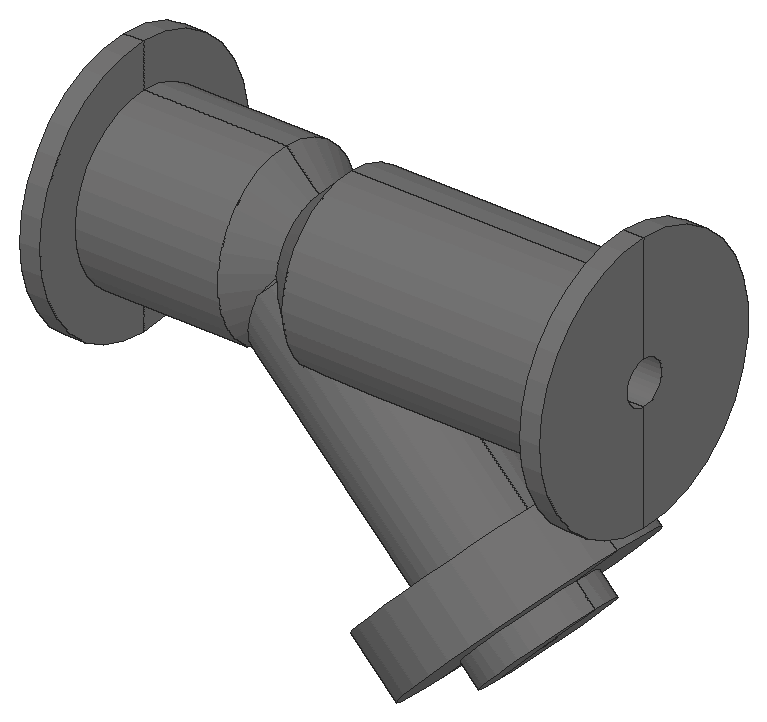
Revit family "Wye_Pattern_Strainers-Backflow_Preventor-WATTS-77F-CSI", category Pipe Accessories, Revit 2014
Parameters (values of type "77F-CSI 0.5"")
  Width = 3"
  Weight = "6/2.4 (LB/KG)"
  Waste Connection = no
  Warranty Information = "1 Year Limited Warranty"  # constant formula
  Vent Connection = no
  URL = "http://www.watts.com/"
  Strainer Width = 2 111/128"
  Strainer Thickness = Flange Thickness * 2  # 59/128"
  Strainer Revolve Offset Distance = Strainer Width / 2  # 1 111/256"
  Strainer Offset Length From Flange = (Strainer Length - Strainer Diameter) / 2  # 175/256"
  Strainer Length = Strainer Width  # 2 111/128"
  Strainer Diameter = Nominal Depth * 2 + NPT Diameter  # 1 1/2"
  Region = "North America"  # constant formula
  Product Page URL = "http://www.watts.com/pages/_products_details.asp?pid=830"
  Product Documentation Link = "http://media.wattswater.com/es-77f-csi.pdf"
  Price = "Prices may vary. Please consult Manufacturer Representative for most up-to-date price list."  # constant formula
  Nominal Depth 2 = Nominal Depth / 2  # 5/16"
  Nominal Depth = 5/8"
  NPT Radius = NPT Diameter / 2  # 1/8"
  NPT Diameter = 1/4"
  Model = "77F-CSI"  # constant formula
  Max. Working Pressure = "150psi (10.3 bar) at 400°F (204°C) WSP 285psi (19.6 bar) at 100°F (38°C) WOG"  # constant formula
  Material = "Metal-Watts-Cast Steel"  # constant formula
  Manufacturer Product Line = "Strainers"  # constant formula
  Manufacturer = "WATTS"  # constant formula
  HW Connection = no
  Flange Thickness = 59/256"
  Finish = Metal-Watts-Cast Steel
  Description = "Steel, Flanged, Wye-Pattern Strainers"  # constant formula
  Creation Date = "07/25/2018"  # constant formula
  Country = "United States"  # constant formula
  Connection Size = Connection Radius * 2  # 1/2"
  Connection Radius = 1/4"
  Connection Outlet Description = "1/2\" NPT Flanged Outlet"
  Connection Inlet Description = "1/2\" NPT Flanged Inlet"
  CW Connection = yes
  Body Radius = 1"
  B = 3 7/8"
  Assembly Code = "F1050"
  A = 6"
Types (11): name | Width | Weight | Strainer Width | Strainer Thickness | Strainer Revolve Offset Distance | Strainer Offset Length From Flange | Strainer Length | Strainer Diameter | Nominal Depth 2 | Nominal Depth | NPT Radius | NPT Diameter | Flange Thickness | Connection Size | Connection Radius | Connection Outlet Description | Connection Inlet Description | Body Radius | B | A
  (no name) | 3" | "6/2.4 (LB/KG)" | 2 111/128" | 59/128" | 1 111/256" | 175/256" | 2 111/128" | 1 1/2" | 5/16" | 5/8" | 1/8" | 1/4" | 59/256" | 1/2" | 1/4" | "1/2\" NPT Flanged Outlet" | "1/2\" NPT Flanged Inlet" | 1" | 3 7/8" | 6"
  77F-CSI 2" | 4 1/4" | "20/9.0 (LB/KG)" | 3 7/8" | 3/4" | 1 15/16" | 11/16" | 3 7/8" | 2 1/2" | 1/2" | 1" | 1/4" | 1/2" | 3/8" | 2" | 1" | "2\" NPT Flanged Outlet" | "2\" NPT Flanged Inlet" | 1 1/4" | 5 1/4" | 8 5/8"
  77F-CSI 2.5" | 5" | "32/14.5 (LB/KG)" | 4 7/8" | 3/4" | 2 7/16" | 1 1/16" | 4 7/8" | 2 3/4" | 1/2" | 1" | 3/8" | 3/4" | 3/8" | 2 1/2" | 1 1/4" | "2-1/2\" NPT Flanged Outlet" | "2-1/2\" NPT Flanged Inlet" | 1 5/8" | 7 1/2" | 10 1/4"
  77F-CSI 3" | 5 1/2" | "36/16.3 (LB/KG)" | 5" | 1" | 2 1/2" | 5/8" | 5" | 3 3/4" | 11/16" | 1 3/8" | 1/2" | 1" | 1/2" | 3" | 1 1/2" | "3\" NPT Flanged Outlet" | "3\" NPT Flanged Inlet" | 2" | 7" | 11 5/8"
  77F-CSI 4" | 7" | "61/27.6 (LB/KG)" | 6 1/8" | 1" | 3 1/16" | 11/16" | 6 1/8" | 4 3/4" | 13/16" | 1 5/8" | 3/4" | 1 1/2" | 1/2" | 4" | 2" | "4\" NPT Flanged Outlet" | "4\" NPT Flanged Inlet" | 2 1/2" | 9 1/8" | 14 3/8"
  77F-CSI 6" | 10" | "160/72.5 (LB/KG)" | 8 1/2" | 2" | 4 1/4" | 3/4" | 8 1/2" | 7" | 1 1/4" | 2 1/2" | 1" | 2" | 1" | 6" | 3" | "6\" NPT Flanged Outlet" | "6\" NPT Flanged Inlet" | 3 1/2" | 13" | 18 5/8"
  77F-CSI 0.75" | 3" | "7/2.9 (LB/KG)" | 2 111/128" | 59/128" | 1 111/256" | 159/256" | 2 111/128" | 1 5/8" | 5/16" | 5/8" | 3/16" | 3/8" | 59/256" | 3/4" | 3/8" | "3/4\" NPT Flanged Outlet" | "3/4\" NPT Flanged Inlet" | 1" | 4 1/4" | 7"
  77F-CSI 1" | 3" | "9/4.0 (LB/KG)" | 2 111/128" | 59/128" | 1 111/256" | 143/256" | 2 111/128" | 1 3/4" | 5/16" | 5/8" | 1/4" | 1/2" | 59/256" | 1" | 1/2" | "1\" NPT Flanged Outlet" | "1\" NPT Flanged Inlet" | 1" | 4 3/4" | 7 1/2"
  77F-CSI 1.5" | 3 5/8" | "12/5.4 (LB/KG)" | 3 1/2" | 59/128" | 1 3/4" | 3/4" | 3 1/2" | 2" | 3/8" | 3/4" | 1/4" | 1/2" | 59/256" | 1 1/2" | 3/4" | "1-1/2\" NPT Flanged Outlet" | "1-1/2\" NPT Flanged Inlet" | 1" | 5 5/8" | 9"
  77F-CSI 5" | 8 1/4" | "110/49.8 (LB/KG)" | 7 1/2" | 1 1/4" | 3 3/4" | 1" | 7 1/2" | 5 1/2" | 7/8" | 1 3/4" | 1" | 2" | 5/8" | 5" | 2 1/2" | "5\" NPT Flanged Outlet" | "5\" NPT Flanged Inlet" | 3" | 11" | 17 5/8"
  77F-CSI 0.5" | 3" | "6/2.4 (LB/KG)" | 2 111/128" | 59/128" | 1 111/256" | 175/256" | 2 111/128" | 1 1/2" | 5/16" | 5/8" | 1/8" | 1/4" | 59/256" | 1/2" | 1/4" | "1/2\" NPT Flanged Outlet" | "1/2\" NPT Flanged Inlet" | 1" | 3 7/8" | 6"
Reference planes (in)
  plane 1 "Center (Front/Back)": y = 0
  plane 2: z = 0
  plane 3 "Center (Left/Right)": x = 0
  plane 4: x = -3
  plane 5: x = 3
  plane 6: z = 0.25
  plane 7: z = -0.25
  plane 8: z = 1.5
  plane 9: z = -1.5
  plane 10: z = -3.875
  plane 11: z = 1
  plane 12: z = 0.625
  plane 13: x = -1.5
  plane 14: x = -0.75
  plane 15: x = -1.125
  plane 16: x = -0.375
  plane 17: y = 1.43359
  plane 18: y = -1.43359
  plane 19: z = -0.875
  plane 20: z = -0.25
  plane 21: z = -1.1875
  plane 22: z = 0.25
  plane 23: x = -1.59375
  plane 24: x = 1.59375
  plane 25: y = -2
Forms (in)
  Revolve 1, solid, material "Metal-Watts-Cast Steel"
    sketch origin (0, 0, 0) x (1, 0, 0) y (0, 0, 1)
      loop
        line (-3, 0.25) -> (3, 0.25) -> (3, 1.5) -> (2.76953, 1.5) -> (2.76953, 1) -> (-0.375, 1) -> (-0.75, 0.625) -> (-1.125, 1) -> (-2.76953, 1) -> (-2.76953, 1.5) -> (-3, 1.5) -> (-3, 0.25)
      axis (3, 0) -> (-3, 0)
    angle from 0 to 360
  Revolve 2, solid, material "Metal-Watts-Cast Steel"
    sketch origin (0, 0, 0) x (1, 0, 0) y (0, 0, 1)
      loop
        line (-1.48834, 0.12487) -> (-1.48834, -0.75901) -> (0.61394, -2.8613) -> (0.13057, -3.34467) -> (0.6609, -3.875) -> (1.14427, -3.39163) -> (1.36524, -3.6126) -> (1.80718, -3.17066) -> (-1.48834, 0.12487)
      axis (-1.39996, 0.21326) -> (1.89557, -3.08227)
    angle from 0 to 360
Lines and regions (in)
  Masking region 1, detail levels fine
    outline origin (0, 0, 0) x (1, 0, 0) y (0, 1, 0)
      loop
        line (-3, 1.5) -> (-3, -1.5) -> (-2.76953, -1.5) -> (-2.76953, -1) -> (2.76953, -1) -> (2.76953, -1.5) -> (3, -1.5) -> (3, 1.5) -> (2.76953, 1.5) -> (2.76953, 1) -> (-2.76953, 1) -> (-2.76953, 1.5) -> (-3, 1.5)
  symbolic lines, style "PipeAccessory", detail levels fine
    curve 1: line (-2.76953, 1, 0) -> (-2.76953, -1, 0)
    curve 2: line (2.76953, 0.93359, 0) -> (2.76953, -0.93359, 0)
Dimensions and locks (in)
  "Connection Size": plane 6 to plane 7
  "Width": plane 8 to plane 9
  equal spacing: plane 8, level, plane 9
  "A": plane 5 to plane 4
  equal spacing: plane 4, plane 3 "Center (Left/Right)", plane 5
  "B": level to plane 10
  equal spacing: plane 6, level, plane 7
  equal spacing: plane 3 "Center (Left/Right)", plane 13, plane 4
  equal spacing: plane 3 "Center (Left/Right)", plane 14, plane 13
  equal spacing: plane 14, plane 15, plane 13
  equal spacing: plane 3 "Center (Left/Right)", plane 16, plane 14
  "Strainer Width": plane 17 to plane 18
  "Flange Thickness": Revolve 1 sketch curve to plane 4
  "Flange Thickness": Revolve 1 sketch curve to plane 5
  "Connection Radius": level to plane 20
  equal spacing: plane 20, plane 19, plane 9
  equal spacing: plane 19, plane 21, plane 9
  "NPT Radius": Revolve 2 sketch curve to Revolve 2 sketch curve
  "Nominal Depth": Revolve 2 sketch curve to Revolve 2 sketch curve
  "Connection Radius": plane 22 to level
  equal spacing: plane 11, plane 12, plane 22
  equal spacing: plane 17, plane 1 "Center (Front/Back)", plane 18
  "Body Radius": plane 11 to level
  "Width": Masking region 1 sketch curve to Masking region 1 sketch curve
  equal spacing: Masking region 1 sketch curve, plane 1 "Center (Front/Back)", Masking region 1 sketch curve
  "Body Radius": plane 1 "Center (Front/Back)" to Masking region 1 sketch curve
  "Body Radius": Masking region 1 sketch curve to plane 1 "Center (Front/Back)"
  locked: plane 25 to plane 1 "Center (Front/Back)" at 2
  locked: Revolve 2 sketch curve to Revolve 2 sketch curve at 0.75
  locked: Revolve 2 sketch curve to Revolve 2 sketch curve at 0.3125
  "Strainer Revolve Offset Distance": Revolve 2 sketch curve to Revolve 2 sketch curve
  locked: Revolve 2 sketch curve to plane 21 (angle 45.00°)
  locked: plane 10 to Revolve 2 sketch curve (angle 45.00°)  (x3)
  locked: Revolve 2 sketch curve to plane 10 (angle 45.00°)  (x2)
  aligned and locked: plane 5 to Revolve 1 sketch curve
  aligned and locked: plane 8 to Revolve 1 sketch curve
  aligned and locked: Revolve 1 sketch curve to plane 8
  aligned and locked: Revolve 1 sketch curve to Revolve 1 sketch curve
  aligned and locked: Revolve 1 sketch curve to plane 11
  aligned and locked: plane 15 to Revolve 1 sketch curve
  aligned and locked: plane 16 to Revolve 1 sketch curve
  aligned and locked: plane 12 to Revolve 1 sketch curve
  aligned and locked: plane 14 to Revolve 1 sketch curve
  aligned and locked: Revolve 1 sketch curve to plane 6
  aligned and locked: Masking region 1 sketch curve to plane 4
  aligned and locked: Masking region 1 sketch curve to plane 5
  aligned and locked: Masking region 1 sketch curve to Masking region 1 sketch curve  (x4)
  aligned and locked: Revolve 1 to Masking region 1 sketch curve
  aligned and locked: Masking region 1 sketch curve to Revolve 1
  aligned and locked: Revolve 1 to curve 1
  aligned and locked: Revolve 1 to curve 2
  aligned and locked: curve 1 to Masking region 1
  aligned and locked: Masking region 1 to curve 1
  aligned and locked: Revolve 2 sketch curve to Revolve 2 sketch curve
Automatic sketch dimensions
  Revolve 1 sketch curve to level = 0"
  Revolve 1 sketch curve to plane 4 = 0"
  Revolve 1 sketch curve to plane 4 = 0.90603"
  Revolve 1 sketch curve to Revolve 1 sketch curve = 0.42846"
  Revolve 2 sketch curve to plane 10 = 0"
  Revolve 2 sketch curve to plane 19 = 0.18272"
  plane 3 "Center (Left/Right)" to Revolve 2 sketch curve = 0.13057"
  level to Revolve 2 sketch curve = 0.12487"
  plane 17 to curve 2 = 1/2"
  plane 18 to curve 2 = 1/2"
Connectors (in)
  piping at (3, 0, 0), diameter 0.5, driven by "Connection Radius", driven by "Connection Outlet Description"
    settings: on Revolve 1, index 1, connector inside diameter 3/4", connector length 0", flow factor 0, pipe flow 0 GPM, pressure drop 0.00 psi, fitting loss kfactor 0, connector angle 0.00°, fixture units 0, engagement length 0", angle of deflection 0.00°, flow configuration 0, flow direction 2, fitting loss method 0, system type 29, joint type 0, gender type 0, connector reference index -1, connector utility 0, adjustable connector no, is connector primary no, connector description "1/2\" NPT Flanged Outlet"
  piping at (-3, 0, 0), diameter 0.5, driven by "Connection Radius", driven by "Connection Inlet Description"
    settings: on Revolve 1, index 2, connector inside diameter 3/4", connector length 0", flow factor 0, pipe flow 0 GPM, pressure drop 0.00 psi, fitting loss kfactor 0, connector angle 0.00°, fixture units 0, engagement length 0", angle of deflection 0.00°, flow configuration 0, flow direction 1, fitting loss method 0, system type 29, joint type 0, gender type 0, connector reference index -1, connector utility 0, adjustable connector no, is connector primary yes, connector description "1/2\" NPT Flanged Inlet"
